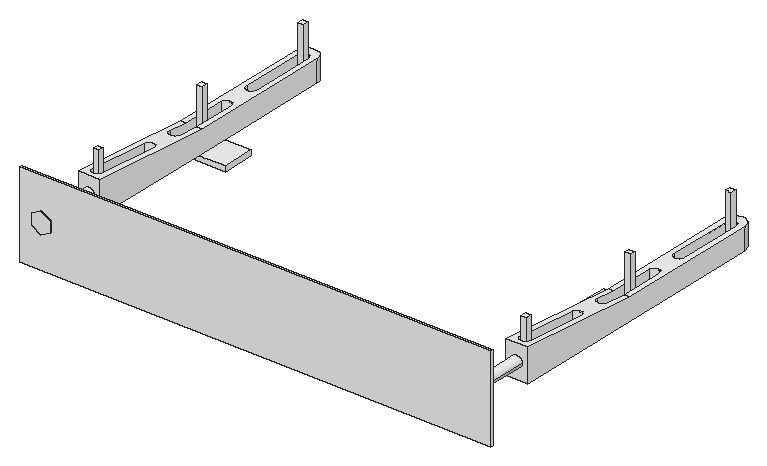
Revit family "Plumbing Fixture-Water_Closet_Carrier_Mifab_MC-54 S-L", category Plumbing Fixtures, host Wall, Revit 2013
Parameters
  URL = "www.mifab.com"
  Model = "MC-54 S/L"
  Manufacturer = "MIFAB"
  Floor Drain Material = Paint - Sherwin Williams Paint - #952C2A - Bellwood Red
  Description = "Wall Mounted Lavatory Support With Concealed Arms"
Reference planes (in)
  plane 1: y = 0
  plane 2 "Center (Left/Right)": x = -0.47711
  plane 3 "Back": y = 3
  plane 4: x = -10.47711
  plane 5: x = 9.52289
  plane 6: y = 3
  plane 7: y = -3
Forms (in)
  Extrusion 1, solid, material "Paint - Sherwin Williams Paint - #952C2A - Bellwood Red" <- "Floor Drain Material"
    sketch origin (-9.97711, 0, -19.00247) x (0, -1, 0) y (0, 0, 1)
      loop
        line (-5.80094, 32.8507) -> (-5.80094, 34.37564) -> (-11.80094, 33.8507) -> (-17.80094, 33.8507) -> (-17.80094, 32.8507) -> (-5.80094, 32.8507)
    from 0 to 1
  Extrusion 2, solid, material "Paint - Sherwin Williams Paint - #952C2A - Bellwood Red" <- "Floor Drain Material"
    sketch origin (3.77466, 1.5, -18.74) x (-1, 0, 0) y (0, 0, 1)
      loop
        circle (14.25176, 33.3507) r 0.25
    from 1.87898 to 4.30094
  Extrusion 3, solid, material "Paint - Sherwin Williams Paint - #952C2A - Bellwood Red" <- "Floor Drain Material"
    sketch origin (3.77466, 1.5, -19.00247) x (-1, 0, 0) y (0, 0, 1)
      loop
        line (13.80665, 33.87016) -> (13.80665, 33.35618) -> (14.25176, 33.09919) -> (14.69688, 33.35618) -> (14.69688, 33.87016) -> (14.25176, 34.12715) -> (13.80665, 33.87016)
    from 1.5 to 1.87898
  Extrusion 4, solid, material "Paint - Sherwin Williams Paint - #952C2A - Bellwood Red" <- "Floor Drain Material"
    sketch origin (3.77466, 1.5, 13.84823) x (-1, 0, 0) y (0, -1, 0)
      loop
        line (13.75176, -16.30094) -> (13.75176, -17)
        arc (13.75176, -17) -> (14.25176, -17.5) -> (14.75176, -17) r 0.5
        line (14.75176, -17) -> (14.75176, -16.30094) -> (13.75176, -16.30094)
    from 0 to 1
  Extrusion 5, void
    sketch origin (3.77466, 1.5, -19.00247) x (-1, 0, 0) y (0, -1, 0)
      loop
        arc (14.50176, -4.80094) -> (14.25176, -4.55094) -> (14.00176, -4.80094) r 0.25
        line (14.00176, -4.80094) -> (14.00176, -7.80094)
        arc (14.00176, -7.80094) -> (14.25176, -8.05094) -> (14.50176, -7.80094) r 0.25
        line (14.50176, -7.80094) -> (14.50176, -4.80094)
      loop
        arc (14.50176, -9.30094) -> (14.25176, -9.05094) -> (14.00176, -9.30094) r 0.25
        line (14.00176, -9.30094) -> (14.00176, -12.30094)
        arc (14.00176, -12.30094) -> (14.25176, -12.55094) -> (14.50176, -12.30094) r 0.25
        line (14.50176, -12.30094) -> (14.50176, -9.30094)
      loop
        arc (14.50176, -13.80094) -> (14.25176, -13.55094) -> (14.00176, -13.80094) r 0.25
        line (14.00176, -13.80094) -> (14.00176, -16.80094)
        arc (14.00176, -16.80094) -> (14.25176, -17.05094) -> (14.50176, -16.80094) r 0.25
        line (14.50176, -16.80094) -> (14.50176, -13.80094)
    from 33.29844 to 34.37564
  Extrusion 6, solid, material "Paint - Sherwin Williams Paint - #952C2A - Bellwood Red" <- "Floor Drain Material"
    sketch origin (3.77466, 1.5, -19.00247) x (-1, 0, 0) y (0, -1, 0)
      loop
        line (14.37676, -16.67594) -> (14.12676, -16.67594) -> (14.12676, -16.92594) -> (14.37676, -16.92594) -> (14.37676, -16.67594)
      loop
        line (14.37676, -4.95816) -> (14.37676, -4.70816) -> (14.12676, -4.70816) -> (14.12676, -4.95816) -> (14.37676, -4.95816)
    from 33.29844 to 35.29844
  Extrusion 7, solid, material "Paint - Sherwin Williams Paint - #952C2A - Bellwood Red" <- "Floor Drain Material"
    sketch origin (3.77466, 1.5, -18.35968) x (-1, 0, 0) y (0, -1, 0)
      loop
        line (12.50176, -10.07993) -> (12.50176, -11.57993) -> (14.50176, -11.57993) -> (14.50176, -10.07993) -> (12.50176, -10.07993)
    from 31.95792 to 32.20792
  Extrusion 8, solid, material "Paint - Sherwin Williams Paint - #952C2A - Bellwood Red" <- "Floor Drain Material"
    sketch origin (3.77466, -4.39811, -19.00247) x (-1, 0, 0) y (0, -1, 0)
      loop
        line (14.37676, -16.67594) -> (14.12676, -16.67594) -> (14.12676, -16.92594) -> (14.37676, -16.92594) -> (14.37676, -16.67594)
    from 33.29844 to 35.29844
  Extrusion 9, solid, not visible
    sketch origin (-10.60211, 0, -19.00247) x (0, -1, 0) y (0, 0, 1)
      loop
        line (-5.80094, 32.8507) -> (-5.80094, 34.37564) -> (-11.80094, 33.8507) -> (-17.80094, 33.8507) -> (-17.80094, 32.8507) -> (-5.80094, 32.8507)
    from 0 to 1
  Extrusion 10, solid, not visible
    sketch origin (3.14966, 1.5, -18.74) x (-1, 0, 0) y (0, 0, 1)
      loop
        circle (14.25176, 33.3507) r 0.25
    from 1.87898 to 4.30094
  Extrusion 11, solid, not visible
    sketch origin (3.14966, 1.5, -19.00247) x (-1, 0, 0) y (0, 0, 1)
      loop
        line (13.80665, 33.87016) -> (13.80665, 33.35618) -> (14.25176, 33.09919) -> (14.69688, 33.35618) -> (14.69688, 33.87016) -> (14.25176, 34.12715) -> (13.80665, 33.87016)
    from 1.5 to 1.87898
  Extrusion 12, solid, not visible
    sketch origin (3.14966, 1.5, 13.84823) x (-1, 0, 0) y (0, -1, 0)
      loop
        line (13.75176, -16.30094) -> (13.75176, -17)
        arc (13.75176, -17) -> (14.25176, -17.5) -> (14.75176, -17) r 0.5
        line (14.75176, -17) -> (14.75176, -16.30094) -> (13.75176, -16.30094)
    from 0 to 1
  Extrusion 13, void, not visible
    sketch origin (3.14966, 1.5, -19.00247) x (-1, 0, 0) y (0, -1, 0)
      loop
        arc (14.50176, -4.80094) -> (14.25176, -4.55094) -> (14.00176, -4.80094) r 0.25
        line (14.00176, -4.80094) -> (14.00176, -7.80094)
        arc (14.00176, -7.80094) -> (14.25176, -8.05094) -> (14.50176, -7.80094) r 0.25
        line (14.50176, -7.80094) -> (14.50176, -4.80094)
      loop
        arc (14.50176, -9.30094) -> (14.25176, -9.05094) -> (14.00176, -9.30094) r 0.25
        line (14.00176, -9.30094) -> (14.00176, -12.30094)
        arc (14.00176, -12.30094) -> (14.25176, -12.55094) -> (14.50176, -12.30094) r 0.25
        line (14.50176, -12.30094) -> (14.50176, -9.30094)
      loop
        arc (14.50176, -13.80094) -> (14.25176, -13.55094) -> (14.00176, -13.80094) r 0.25
        line (14.00176, -13.80094) -> (14.00176, -16.80094)
        arc (14.00176, -16.80094) -> (14.25176, -17.05094) -> (14.50176, -16.80094) r 0.25
        line (14.50176, -16.80094) -> (14.50176, -13.80094)
    from 33.29844 to 34.37564
  Extrusion 14, solid, not visible
    sketch origin (3.14966, 1.5, -19.00247) x (-1, 0, 0) y (0, -1, 0)
      loop
        line (14.37676, -16.67594) -> (14.12676, -16.67594) -> (14.12676, -16.92594) -> (14.37676, -16.92594) -> (14.37676, -16.67594)
      loop
        line (14.37676, -4.95816) -> (14.37676, -4.70816) -> (14.12676, -4.70816) -> (14.12676, -4.95816) -> (14.37676, -4.95816)
    from 33.29844 to 35.29844
  Extrusion 15, solid, not visible
    sketch origin (3.14966, 1.5, -18.35968) x (-1, 0, 0) y (0, -1, 0)
      loop
        line (12.50176, -10.07993) -> (12.50176, -11.57993) -> (14.50176, -11.57993) -> (14.50176, -10.07993) -> (12.50176, -10.07993)
    from 31.95792 to 32.20792
  Extrusion 16, solid, not visible
    sketch origin (3.14966, -4.39811, -19.00247) x (-1, 0, 0) y (0, -1, 0)
      loop
        line (14.37676, -16.67594) -> (14.12676, -16.67594) -> (14.12676, -16.92594) -> (14.37676, -16.92594) -> (14.37676, -16.67594)
    from 33.29844 to 35.29844
  Extrusion 17, solid, material "Paint - Sherwin Williams Paint - #952C2A - Bellwood Red" <- "Floor Drain Material"
    sketch origin (9.02289, 0, -19.00247) x (0, -1, 0) y (0, 0, -1)
      loop
        line (-5.80094, -32.8507) -> (-17.80094, -32.8507) -> (-17.80094, -33.8507) -> (-11.80094, -33.8507) -> (-5.80094, -34.37564) -> (-5.80094, -32.8507)
    from 0 to 1
  Extrusion 18, solid, material "Paint - Sherwin Williams Paint - #952C2A - Bellwood Red" <- "Floor Drain Material"
    sketch origin (-4.72887, 1.5, -18.74) x (1, 0, 0) y (0, 0, -1)
      loop
        circle (14.25176, -33.3507) r 0.25
    from 1.87898 to 4.30094
  Extrusion 19, solid, material "Paint - Sherwin Williams Paint - #952C2A - Bellwood Red" <- "Floor Drain Material"
    sketch origin (-4.72887, 1.5, -19.00247) x (1, 0, 0) y (0, 0, -1)
      loop
        line (13.80665, -33.87016) -> (14.25176, -34.12715) -> (14.69688, -33.87016) -> (14.69688, -33.35618) -> (14.25176, -33.09919) -> (13.80665, -33.35618) -> (13.80665, -33.87016)
    from 1.5 to 1.87898
  Extrusion 20, solid, material "Paint - Sherwin Williams Paint - #952C2A - Bellwood Red" <- "Floor Drain Material"
    sketch origin (-4.72887, 1.5, 13.84823) x (1, 0, 0) y (0, 1, 0)
      loop
        line (13.75176, 16.30094) -> (14.75176, 16.30094) -> (14.75176, 17)
        arc (14.75176, 17) -> (14.25176, 17.5) -> (13.75176, 17) r 0.5
        line (13.75176, 17) -> (13.75176, 16.30094)
    from 0 to 1
  Extrusion 21, void
    sketch origin (-4.72887, 1.5, -19.00247) x (1, 0, 0) y (0, 1, 0)
      loop
        line (14.50176, 4.80094) -> (14.50176, 7.80094)
        arc (14.50176, 7.80094) -> (14.25176, 8.05094) -> (14.00176, 7.80094) r 0.25
        line (14.00176, 7.80094) -> (14.00176, 4.80094)
        arc (14.00176, 4.80094) -> (14.25176, 4.55094) -> (14.50176, 4.80094) r 0.25
      loop
        line (14.50176, 9.30094) -> (14.50176, 12.30094)
        arc (14.50176, 12.30094) -> (14.25176, 12.55094) -> (14.00176, 12.30094) r 0.25
        line (14.00176, 12.30094) -> (14.00176, 9.30094)
        arc (14.00176, 9.30094) -> (14.25176, 9.05094) -> (14.50176, 9.30094) r 0.25
      loop
        line (14.50176, 13.80094) -> (14.50176, 16.80094)
        arc (14.50176, 16.80094) -> (14.25176, 17.05094) -> (14.00176, 16.80094) r 0.25
        line (14.00176, 16.80094) -> (14.00176, 13.80094)
        arc (14.00176, 13.80094) -> (14.25176, 13.55094) -> (14.50176, 13.80094) r 0.25
    from 33.29844 to 34.37564
  Extrusion 22, solid, material "Paint - Sherwin Williams Paint - #952C2A - Bellwood Red" <- "Floor Drain Material"
    sketch origin (-4.72887, 1.5, -19.00247) x (1, 0, 0) y (0, 1, 0)
      loop
        line (14.37676, 16.67594) -> (14.37676, 16.92594) -> (14.12676, 16.92594) -> (14.12676, 16.67594) -> (14.37676, 16.67594)
      loop
        line (14.37676, 4.95816) -> (14.12676, 4.95816) -> (14.12676, 4.70816) -> (14.37676, 4.70816) -> (14.37676, 4.95816)
    from 33.29844 to 35.29844
  Extrusion 23, solid, material "Paint - Sherwin Williams Paint - #952C2A - Bellwood Red" <- "Floor Drain Material"
    sketch origin (-4.72887, 1.5, -18.35968) x (1, 0, 0) y (0, 1, 0)
      loop
        line (12.50176, 10.07993) -> (14.50176, 10.07993) -> (14.50176, 11.57993) -> (12.50176, 11.57993) -> (12.50176, 10.07993)
    from 31.95792 to 32.20792
  Extrusion 24, solid, material "Paint - Sherwin Williams Paint - #952C2A - Bellwood Red" <- "Floor Drain Material"
    sketch origin (-4.72887, -4.39811, -19.00247) x (1, 0, 0) y (0, 1, 0)
      loop
        line (14.37676, 16.67594) -> (14.37676, 16.92594) -> (14.12676, 16.92594) -> (14.12676, 16.67594) -> (14.37676, 16.67594)
    from 33.29844 to 35.29844
  Extrusion 25, solid, material "Paint - Sherwin Williams Paint - #952C2A - Bellwood Red" <- "Floor Drain Material"
    sketch origin (-60, 3, 14.6107) x (-1, 0, 0) y (0, 0, 1)
      loop
        line (-70.52289, 2) -> (-70.52289, -2) -> (-48.52289, -2) -> (-48.52289, 2) -> (-70.52289, 2)
    from 0 to 0.125
Cuts and joins
  Extrusion 5, Extrusion 21 cuts Extrusion 1
  Extrusion 21 cuts Extrusion 2
  Extrusion 21 cuts Extrusion 3
  Extrusion 5, Extrusion 21 cuts Extrusion 4
  Extrusion 21 cuts Extrusion 6
  Extrusion 21 cuts Extrusion 7
  Extrusion 21 cuts Extrusion 8
  joined: Extrusion 1, Extrusion 2, Extrusion 3, Extrusion 4, Extrusion 6, Extrusion 7, Extrusion 8
  Extrusion 21 cuts Extrusion 17
  Extrusion 21 cuts Extrusion 20
  joined: Extrusion 17, Extrusion 18, Extrusion 19, Extrusion 20, Extrusion 22, Extrusion 23, Extrusion 24, Extrusion 25
Text (in)
  text "Placement Side" at (0, 40.15149, 123.01588), in view "Right"
  text "Placement Side" at (-70.3804, 45.82615, 0), in view "Ref. Level"
  text "Placement Side" at (0, 47.49176, 113.10569), in view "Left"
Dimensions and locks (in)
  locked: plane 3 "Back" to host wall
  equal spacing: plane 4, plane 2 "Center (Left/Right)", plane 5
  plane 4 to plane 5 = 20"
  plane 3 "Back" to plane 6 = 0"
  cut or joined group 1 (Extrusion 1, Extrusion 2, Extrusion 3, Extrusion 4, Extrusion 5, Extrusion 6, Extrusion 7, Extrusion 8, Extrusion 21) to plane 4 to cut or joined group 1 = 1/2", 1/2"
  cut or joined group 1 to plane 4 to cut or joined group 1 = 1/4", 1/4"
  plane 2 "Center (Left/Right)" to Extrusion 25 sketch curve = 11"  (x2)
  level to Extrusion 25 sketch curve = 2"
  Extrusion 25 sketch curve to level = 2"
  aligned and locked: plane 7 to host wall
Automatic sketch dimensions
  Extrusion 9 sketch curve to Extrusion 9 sketch curve = 6"  (x2)
  Extrusion 9 sketch curve to Extrusion 9 sketch curve = 1"
  Extrusion 9 sketch curve to Extrusion 9 sketch curve = 1.52493"
  Extrusion 11 sketch curve to Extrusion 11 sketch curve = 0.44512"  (x3)
  Extrusion 11 sketch curve to Extrusion 11 sketch curve = 0.25699"  (x3)
  Extrusion 11 sketch curve to Extrusion 11 sketch curve = 0.51398"  (x2)
  Extrusion 12 sketch curve to Extrusion 12 sketch curve = 1"
  Extrusion 13 sketch curve to Extrusion 13 sketch curve = 0"  (x2)
  Extrusion 13 sketch curve to Extrusion 13 sketch curve = 1/2"  (x3)
  Extrusion 13 sketch curve to Extrusion 13 sketch curve = 1 1/2"  (x2)
  Extrusion 13 sketch curve to Extrusion 13 sketch curve = 3"  (x3)
  Extrusion 14 sketch curve to Extrusion 14 sketch curve = 0"
  Extrusion 14 sketch curve to Extrusion 14 sketch curve = 1/4"  (x4)
  Extrusion 15 sketch curve to Extrusion 15 sketch curve = 2"
  Extrusion 16 sketch curve to Extrusion 16 sketch curve = 1/4"  (x2)
  Extrusion 12 sketch curve to Extrusion 12 sketch curve = 0.69906"
  Extrusion 14 sketch curve to Extrusion 14 sketch curve = 11.71778"
  Extrusion 15 sketch curve to Extrusion 15 sketch curve = 1 1/2"
  Extrusion 1 sketch curve to level = 0.76247"
  host wall to Extrusion 1 sketch curve = 14.80094"
  level to Extrusion 1 sketch curve = 0.23753"
  Extrusion 1 sketch curve to Extrusion 1 sketch curve = 6"
  level to Extrusion 1 sketch curve = 0.76247"
  host wall to Extrusion 1 sketch curve = 2.80094"
  Extrusion 2 sketch curve to level = 0"
  plane 4 to Extrusion 2 sketch curve = 0"
  plane 4 to Extrusion 3 sketch curve = 0"  (x2)
  Extrusion 3 sketch curve to level = 0.51398"
  Extrusion 3 sketch curve to plane 4 = 0.44512"
  plane 4 to Extrusion 3 sketch curve = 0.44512"
  Extrusion 3 sketch curve to level = 0.25699"  (x2)
  level to Extrusion 3 sketch curve = 0.25699"  (x2)
  level to Extrusion 3 sketch curve = 0.51398"
  Extrusion 4 sketch curve to plane 4 = 1/2"
  host wall to Extrusion 4 sketch curve = 15 1/2"
  Extrusion 4 sketch curve to plane 4 = 0"
  Extrusion 4 sketch curve to Extrusion 4 sketch curve = 0.69906"
  Extrusion 5 sketch curve to plane 4 = 1/4"  (x2)
  host wall to Extrusion 5 sketch curve = 15.30094"
  Extrusion 5 sketch curve to plane 4 = 0"  (x3)
  Extrusion 5 sketch curve to Extrusion 5 sketch curve = 1/4"
  Extrusion 5 sketch curve to Extrusion 5 sketch curve = 3"  (x3)
  Extrusion 5 sketch curve to Extrusion 5 sketch curve = 1 1/2"  (x2)
  Extrusion 6 sketch curve to plane 4 = 1/8"  (x2)
  plane 4 to Extrusion 6 sketch curve = 1/8"  (x2)
  host wall to Extrusion 6 sketch curve = 15.42594"
  Extrusion 6 sketch curve to Extrusion 6 sketch curve = 1/4"  (x2)
  host wall to Extrusion 6 sketch curve = 3.45816"
  Extrusion 7 sketch curve to plane 4 = 1 3/4"
  host wall to Extrusion 7 sketch curve = 10.07993"
  plane 4 to Extrusion 7 sketch curve = 1/4"
  Extrusion 7 sketch curve to Extrusion 7 sketch curve = 1 1/2"
  Extrusion 8 sketch curve to plane 4 = 1/8"
  plane 4 to Extrusion 8 sketch curve = 1/8"
  host wall to Extrusion 8 sketch curve = 9.52784"
  Extrusion 8 sketch curve to Extrusion 8 sketch curve = 1/4"
  Extrusion 17 sketch curve to level = 0.76247"
  host wall to Extrusion 17 sketch curve = 14.80094"
  level to Extrusion 17 sketch curve = 0.76247"
  level to Extrusion 17 sketch curve = 0.23753"
  Extrusion 17 sketch curve to Extrusion 17 sketch curve = 6"
  host wall to Extrusion 17 sketch curve = 2.80094"
  Extrusion 18 sketch curve to level = 0"
  plane 5 to Extrusion 18 sketch curve = 0"
  plane 5 to Extrusion 19 sketch curve = 0"  (x2)
  level to Extrusion 19 sketch curve = 0.51398"
  plane 5 to Extrusion 19 sketch curve = 0.44512"
  Extrusion 19 sketch curve to plane 5 = 0.44512"
  level to Extrusion 19 sketch curve = 0.25699"  (x2)
  Extrusion 19 sketch curve to level = 0.25699"  (x2)
  Extrusion 19 sketch curve to Extrusion 19 sketch curve = 0.25699"
  plane 5 to Extrusion 20 sketch curve = 1/2"
  host wall to Extrusion 20 sketch curve = 14.80094"
  Extrusion 20 sketch curve to plane 5 = 0"
  Extrusion 20 sketch curve to Extrusion 20 sketch curve = 0.69906"
  plane 5 to Extrusion 21 sketch curve = 1/4"  (x2)
  host wall to Extrusion 21 sketch curve = 3.30094"
  Extrusion 21 sketch curve to plane 5 = 0"  (x3)
  Extrusion 21 sketch curve to Extrusion 21 sketch curve = 1/4"
  Extrusion 21 sketch curve to Extrusion 21 sketch curve = 3"  (x3)
  Extrusion 21 sketch curve to Extrusion 21 sketch curve = 1 1/2"  (x2)
  plane 5 to Extrusion 22 sketch curve = 1/8"  (x2)
  Extrusion 22 sketch curve to plane 5 = 1/8"  (x2)
  host wall to Extrusion 22 sketch curve = 3.20816"
  Extrusion 22 sketch curve to Extrusion 22 sketch curve = 1/4"  (x2)
  Extrusion 22 sketch curve to Extrusion 22 sketch curve = 11.71778"
  plane 5 to Extrusion 23 sketch curve = 1 3/4"
  Extrusion 23 sketch curve to plane 5 = 1/4"
  host wall to Extrusion 23 sketch curve = 8.57993"
  Extrusion 23 sketch curve to Extrusion 23 sketch curve = 1 1/2"
  plane 5 to Extrusion 24 sketch curve = 1/8"
  host wall to Extrusion 24 sketch curve = 9.27784"
  Extrusion 24 sketch curve to plane 5 = 1/8"
  Extrusion 24 sketch curve to Extrusion 24 sketch curve = 1/4"
  radius of Extrusion 10 sketch curve = 1/4"
  radius of Extrusion 2 sketch curve = 1/4"
  radius of Extrusion 18 sketch curve = 1/4"
